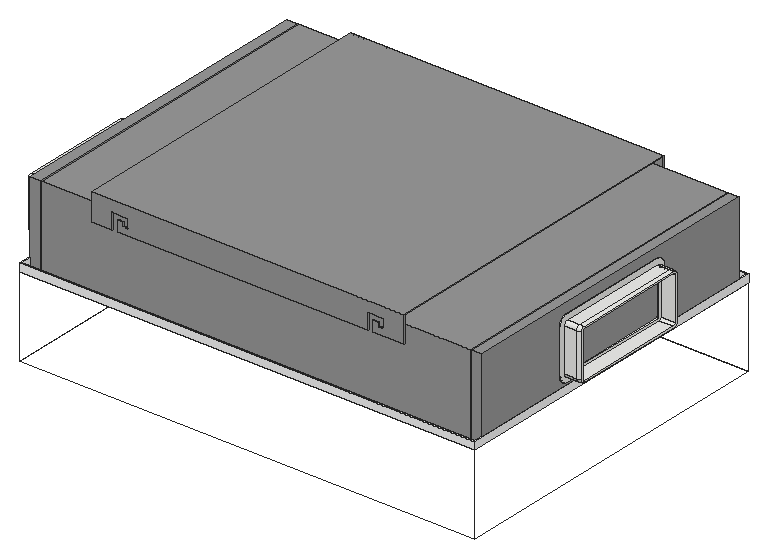
Revit family "IAQBOX-D_single_spigot2", category Duct Accessories, Revit 2015
Parameters (values of type "IAQBOX-D")
  duct_offset [instance] = if(Change Spigot Position, 0 mm, 300 mm)  # 300 mm
  Width = 644.8 mm
  Weight = 15.80 kg  # constant formula
  Unit Description = "Indoor Air Quality Box, Double Width"
  Type Comments = "1"
  Supplier Part No = Nuaire Model No  # "IAQBOX-D"
  Revit Family Last Revised = "31/10/18"  # constant formula
  OmniClass Title = "Fans"  # constant formula
  OmniClass Number = "23-33 31 19"  # constant formula
  Nuaire Model No = "IAQBOX-D"
  Manufacturer Name = "Nuaire"  # constant formula
  Location [instance] = ""
  Length = 857.81 mm
  IFCExportAs = "IfcFanType"  # constant formula
  I&M Manual = "http://nuaire.info/IandM/671811.pdf"
  Height = 152.023 mm
  Pre-Filter Grade = "None"
  Duct Connection Width = 220 mm
  Duct Connection Height = 90 mm
  Classification.Uniclass.Pr.Number = "Pr_65_67_29"  # constant formula
  Classification.Uniclass.Pr.Description = "Fans"  # constant formula
  Change Spigot Position [instance] = no
  Catalogue Pages = "http://www.nuaire.info/catalogue/Q-Aire-IAQBOX.pdf"
  Show Access Clearance [instance] = yes
  Model Drawn by = "Michael Grote"  # constant formula
  Maximum Ambient Temperature = 40 °C
  URL = "http://www.nuaire.co.uk"
  Warranty Period = "5 Years"
  Weatherproof or Internal Only = "Internal"
  Manufacturer = Manufacturer Name  # "Nuaire"
  Description = Unit Description  # "Indoor Air Quality Box, Double Width"
  Address = "Western Industrial Estate, Caerphilly, UK"  # constant formula
  Postcode = "CF83 1NA"  # constant formula
  Telephone Number = "+44(0)2920-858-200"  # constant formula
  Fax Number = "+44(0)2920-858-222"  # constant formula
  Email Address = "info@nuaire.co.uk"  # constant formula
  VAT Registration Number = "877308"  # constant formula
  Model = Nuaire Model No  # "IAQBOX-D"
Types (3, lengths in mm): name | Unit Description | Supplier Part No | Nuaire Model No | Height | Pre-Filter Grade | Description | Model
  IAQBOX-D | "Indoor Air Quality Box, Double Width" | "IAQBOX-D" | "IAQBOX-D" | 152.023 | "None" | "Indoor Air Quality Box, Double Width" | "IAQBOX-D"
  IAQBOX-D-PM10 | "Indoor Air Quality Box, Double Width with pre-Filter" | "IAQBOX-D-PM10" | "IAQBOX-D-PM10" | 151.75 | "PM10 (G4)" | "Indoor Air Quality Box, Double Width with pre-Filter" | "IAQBOX-D-PM10"
  IAQBOX-D-PM2.5 | "Indoor Air Quality Box, Double Width with pre-Filter" | "IAQBOX-D-PM2.5" | "IAQBOX-D-PM2.5" | 151.75 | "PM2.5 (F7)" | "Indoor Air Quality Box, Double Width with pre-Filter" | "IAQBOX-D-PM2.5"
Reference planes
  plane 1 "Center (Front/Back)": y = 0
  plane 2: z = 0
  plane 3 "Center (Left/Right)": x = 0
  plane 4: x = 428.905
  plane 5: x = -428.905
  plane 6: y = 322.4
  plane 7: y = -322.4
  plane 8 "Top of Unit": z = 152.023
  plane 9 "Ceiling Level": z = 170
  plane 10: z = 77.55
  plane 11: y = -150
  plane 12: y = 150
Forms (mm)
  Extrusion 1, solid, material "White Panels", detail levels medium+fine
    sketch origin (0, 0, 0) x (1, 0, 0) y (0, 1, 0)
      loop
        line (-428.905, 322.4) -> (-428.905, -322.4) -> (428.905, -322.4) -> (428.905, 322.4) -> (-428.905, 322.4)
    from 0 to 14
  Extrusion 2, solid, material "Steel, Galvanized"
    sketch origin (0, 0, 0) x (1, 0, 0) y (0, 1, 0)
      loop
        line (-405.655, 302.05) -> (-426.385, 302.05) -> (-426.385, -302.05) -> (-405.655, -302.05) -> (-405.655, 302.05)
    from 1.65 to 152.023
  Extrusion 3, solid, material "Steel, Galvanized", detail levels medium+fine
    sketch origin (0, 0, 0) x (0, 1, 0) y (0, 0, 1)
      loop
        line (304.83, 168.5) -> (304.83, 119.99) -> (306.329, 119.99) -> (306.329, 170) -> (-306.329, 170) -> (-306.329, 119.99) -> (-304.83, 119.99) -> (-304.83, 168.5) -> (304.83, 168.5)
    from -307.745 to 282.255
  Extrusion 4, solid, material "Steel, Galvanized"
    sketch origin (831.805, 0, 0) x (1, 0, 0) y (0, 1, 0)
      loop
        line (-405.43, 302.05) -> (-426.16, 302.05) -> (-426.16, -302.05) -> (-405.43, -302.05) -> (-405.43, 302.05)
    from 1.65 to 152.023
  Extrusion 5, solid, material "Steel, Galvanized"
    sketch origin (811.071, 0, 0) x (1, 0, 0) y (0, 1, 0)
      loop
        line (-405.426, 302.05) -> (-1216.726, 302.05) -> (-1216.726, -302.05) -> (-405.426, -302.05) -> (-405.426, 302.05)
    from 1.65 to 152.023
  Extrusion 6, void
    sketch origin (0, 0, 0) x (1, 0, 0) y (0, 0, 1)
      loop
        line (-268.255, 149.988) -> (-268.255, 119.99) -> (-258.255, 119.99) -> (-258.255, 140.013) -> (-247.995, 140.013) -> (-247.995, 133.033) -> (-237.995, 133.033) -> (-237.995, 149.988) -> (-268.255, 149.988)
      loop
        line (213.745, 149.988) -> (213.745, 119.99) -> (223.745, 119.99) -> (223.745, 140.013) -> (234.005, 140.013) -> (234.005, 133.033) -> (244.005, 133.033) -> (244.005, 149.988) -> (213.745, 149.988)
    from -341.679 to 343.801
  Extrusion 7, void
    sketch origin (0, 0, 0) x (1, 0, 0) y (0, 1, 0)
      loop
        line (-427.275, 320.75) -> (-427.275, -320.75) -> (427.25, -320.75) -> (427.25, 320.75) -> (-427.275, 320.75)
    from 1.65 to 14
  Extrusion 8, solid, material "White Panels", detail levels coarse
    sketch origin (0, 0, 0) x (1, 0, 0) y (0, 1, 0)
      loop
        line (-428.905, 322.4) -> (-428.905, -322.4) -> (428.905, -322.4) -> (428.905, 322.4) -> (-428.905, 322.4)
    from 0 to 14
  Extrusion 9, solid, material "Steel, Galvanized", detail levels coarse
    sketch origin (0, 0, 0) x (0, 1, 0) y (0, 0, 1)
      loop
        line (304.329, 168.5) -> (304.329, 119.99) -> (305.829, 119.99) -> (305.829, 170) -> (-305.829, 170) -> (-305.829, 119.99) -> (-304.329, 119.99) -> (-304.329, 168.5) -> (304.329, 168.5)
    from -307.745 to 282.255
  Extrusion 10, solid, material "Access Clearance", visible <- "Show Access Clearance"
    sketch origin (0, 0, 0) x (1, 0, 0) y (0, 1, 0)
      loop
        line (-428.905, 322.4) -> (-428.905, -322.4) -> (428.905, -322.4) -> (428.905, 322.4) -> (-428.905, 322.4)
    from 0 to -151.8
Cuts and joins
  Extrusion 6, Extrusion 7 cuts Extrusion 3
  Extrusion 7 cuts Extrusion 1
Dimensions and locks
  equal spacing: plane 5, plane 3 "Center (Left/Right)", plane 4
  "Length": plane 5 to plane 4
  equal spacing: plane 6, plane 1 "Center (Front/Back)", plane 7
  "Width": plane 6 to plane 7
  "Height": plane 8 "Top of Unit" to plane 2
  locked: plane 6 to plane 12 at 172.4
  "duct_offset": plane 11 to plane 12
  aligned and locked: level to plane 2
  aligned and locked: Extrusion 1 sketch curve to plane 6
  aligned and locked: Extrusion 1 sketch curve to plane 5
  aligned and locked: Extrusion 1 sketch curve to plane 7
  aligned and locked: Extrusion 1 sketch curve to plane 4
  aligned and locked: Extrusion 10 sketch curve to plane 6
  aligned and locked: Extrusion 10 sketch curve to plane 5
  aligned and locked: Extrusion 10 sketch curve to plane 7
  aligned and locked: Extrusion 10 sketch curve to plane 4
  aligned and locked: plane 11 to nested 1
Automatic sketch dimensions
  Extrusion 2 sketch curve to plane 5 = 2.52 mm
  Extrusion 2 sketch curve to plane 7 = 20.35 mm
  Extrusion 2 sketch curve to Extrusion 2 sketch curve = 20.73 mm
  Extrusion 2 sketch curve to plane 6 = 20.35 mm
  Extrusion 3 sketch curve to plane 9 "Ceiling Level" = 0 mm
  Extrusion 3 sketch curve to plane 7 = 16.071 mm
  Extrusion 3 sketch curve to plane 8 "Top of Unit" = 32.032 mm  (x2)
  Extrusion 3 sketch curve to Extrusion 3 sketch curve = 1.5 mm  (x2)
  Extrusion 3 sketch curve to plane 9 "Ceiling Level" = 1.5 mm
  Extrusion 3 sketch curve to plane 6 = 17.57 mm
  Extrusion 4 sketch curve to plane 4 = 23.26 mm
  Extrusion 4 sketch curve to plane 4 = 2.53 mm
  Extrusion 4 sketch curve to plane 7 = 20.35 mm
  Extrusion 4 sketch curve to plane 6 = 20.35 mm
  Extrusion 5 sketch curve to plane 5 = 23.25 mm
  Extrusion 5 sketch curve to plane 7 = 20.35 mm
  Extrusion 5 sketch curve to plane 4 = 23.26 mm
  Extrusion 5 sketch curve to plane 6 = 20.35 mm
  Extrusion 6 sketch curve to plane 8 "Top of Unit" = 32.032 mm  (x2)
  Extrusion 6 sketch curve to plane 5 = 160.65 mm
  Extrusion 6 sketch curve to Extrusion 6 sketch curve = 10 mm  (x4)
  Extrusion 6 sketch curve to Extrusion 6 sketch curve = 10.26 mm  (x2)
  Extrusion 6 sketch curve to plane 8 "Top of Unit" = 2.035 mm  (x2)
  plane 3 "Center (Left/Right)" to Extrusion 6 sketch curve = 213.745 mm
  Extrusion 6 sketch curve to Extrusion 6 sketch curve = 13.043 mm
  Extrusion 6 sketch curve to plane 8 "Top of Unit" = 18.99 mm
  Extrusion 6 sketch curve to Extrusion 6 sketch curve = 6.981 mm  (x2)
  Extrusion 7 sketch curve to plane 5 = 1.63 mm
  Extrusion 7 sketch curve to plane 7 = 1.65 mm
  Extrusion 7 sketch curve to plane 4 = 1.655 mm
  Extrusion 7 sketch curve to plane 6 = 1.65 mm
  Extrusion 8 sketch curve to plane 5 = 0 mm
  Extrusion 8 sketch curve to plane 4 = 0 mm
  plane 7 to Extrusion 8 sketch curve = 0 mm
  Extrusion 8 sketch curve to plane 6 = 0 mm
  Extrusion 9 sketch curve to plane 9 "Ceiling Level" = 0 mm
  Extrusion 9 sketch curve to plane 7 = 16.571 mm
  Extrusion 9 sketch curve to plane 8 "Top of Unit" = 32.032 mm  (x2)
  Extrusion 9 sketch curve to Extrusion 9 sketch curve = 1.5 mm  (x2)
  Extrusion 9 sketch curve to plane 9 "Ceiling Level" = 1.5 mm
  Extrusion 9 sketch curve to plane 6 = 18.071 mm
Nested families
  nested 1: "spigot_220x90" at (-426.385, -150, 77.55) x (0, 1, 0) z (-1, 0, 0), type "spigot_220x90"
    with Spigot yes, Blanking Plate no
  nested 2: "spigot_220x90" at (426.375, 0, 77.55) x (0, -1, 0) z (1, 0, 0), type "spigot_220x90"
    with Spigot yes, Blanking Plate no
  nested 3: "label_nuaire_logo" at (0, 85, 170), type "label_nuaire_logo"
    with Scale Factor 452 mm, Actual Scale 158.2 mm
  nested 4: "label_arrow_airflow" at (10.055, -60, 170), type "label_arrow_airflow"
    with Size 167.7 mm, Scale 0.3 mm, Left Arrow yes
Connectors
  hvac at (-433.385, -150, 77.55), driven by "Duct Connection Height", driven by "Duct Connection Width"
    settings: on nested 1, index 1, duct flow 0.0 L/s, flow factor 0, pres drop 0.0 Pa, loss coef 0, conn angle 0.00°, conn width 220 mm, conn height 90 mm, conn diameter 609.6 mm, duct sys type 28, conn prof type 1, flow config 0, flow direction 0, loss method 0, conn ref index -1, conn util no, is conn primary yes, conn desc ""
  hvac at (433.375, 0, 77.55), driven by "Duct Connection Height", driven by "Duct Connection Width"
    settings: on nested 2, index 3, duct flow 0.0 L/s, flow factor 0, pres drop 0.0 Pa, loss coef 0, conn angle 0.00°, conn width 220 mm, conn height 90 mm, conn diameter 609.6 mm, duct sys type 28, conn prof type 1, flow config 0, flow direction 0, loss method 0, conn ref index -1, conn util no, is conn primary no, conn desc ""
Definition of nested family "spigot_220x90"
  Parameters
    Spigot [instance] = not(Blanking Plate)  # yes
    Default Elevation = 1219.2 mm
    Blanking Plate [instance] = no
  Reference planes
    plane 1 "Center (Front/Back)": y = 0
    plane 2: z = 0
    plane 3 "Center (Left/Right)": x = 0
  Forms (mm)
    Extrusion 1, solid
      sketch origin (0, 0, 0) x (1, 0, 0) y (0, 1, 0)
        loop
          line (-1219.2, 1219.2) -> (-1219.2, -1219.2) -> (1219.2, -1219.2) -> (1219.2, 1219.2) -> (-1219.2, 1219.2)
      from 0 to -304.8
    Sweep 2, solid, visible <- "Spigot", detail levels medium+fine
      path origin (0, 0, 0) x (1, 0, 0) y (0, 1, 0)
        loop
          arc (-105.5, 57.5) -> (-117.521, 52.521) -> (-122.5, 40.5) r 17
          line (-122.5, 40.5) -> (-122.5, -40.5)
          arc (-122.5, -40.5) -> (-117.521, -52.521) -> (-105.5, -57.5) r 17
          line (-105.5, -57.5) -> (105.5, -57.5)
          arc (105.5, -57.5) -> (117.521, -52.521) -> (122.5, -40.5) r 17
          line (122.5, -40.5) -> (122.5, 40.5)
          arc (122.5, 40.5) -> (117.521, 52.521) -> (105.5, 57.5) r 17
          line (105.5, 57.5) -> (-105.5, 57.5)
      profile origin (0, 57.5, 0) x (0, 1, 0) y (0, 0, 1)
        loop
          line (-9.5, 27.5) -> (-10.624, 35.5) -> (-12.5, 35.5) -> (-12.5, 7) -> (-15.65, 7) -> (-15.65, 3.5) -> (-12.5, 3.5) -> (-12.5, 0) -> (0, 0) -> (0, 3.5) -> (-9.5, 3.5) -> (-9.5, 27.5)
    Extrusion 3, solid, visible <- "Spigot", detail levels coarse
      sketch origin (0, 0, 0) x (1, 0, 0) y (0, 1, 0)
        loop
          line (-113, 48) -> (-113, -48) -> (113, -48) -> (113, 48) -> (-113, 48)
      from 0 to 35.5
    Extrusion 4, solid, visible <- "Blanking Plate"
      sketch origin (0, 0, 0) x (1, 0, 0) y (0, 1, 0)
        loop
          line (-122.5, 57.5) -> (-122.5, -57.5) -> (122.5, -57.5) -> (122.5, 57.5) -> (-122.5, 57.5)
      from 0 to 1.5
  Dimensions and locks
    aligned and locked: plane 2 to Extrusion 1
    aligned and locked: level to Extrusion 1
Definition of nested family "label_nuaire_logo"
  Parameters
    Scale Factor [instance] = Scale * 452  # 452 mm
    Scale = 1 mm
    Actual Scale [instance] = Scale Factor * 0.35  # 158.2 mm
  Reference planes
    plane 1 "Center (Front/Back)": y = 0
    plane 2: z = 0
    plane 3 "Center (Left/Right)": x = 0
  Lines and regions (mm)
    reference lines
      curve 1: line (79.1, -32.13, 0) -> (79.1, 30, 0)
      curve 2: line (-79.1, -32.13, 0) -> (-79.1, 30, 0)
  Dimensions and locks
    equal spacing: curve 2, plane 3 "Center (Left/Right)", curve 1
    "Actual Scale": curve 2 to curve 1
    aligned and locked: level to plane 2
  Automatic sketch dimensions
    plane 1 "Center (Front/Back)" to curve 2 = 32.13 mm
    plane 1 "Center (Front/Back)" to curve 1 = 32.13 mm
    curve 2 to plane 1 "Center (Front/Back)" = 30 mm
    curve 1 to plane 1 "Center (Front/Back)" = 30 mm
  Nested families
    nested 1: "logo_stage2" at (10, 0, 0), type "logo_stage2"
  Definition of nested family "logo_stage2"
    Parameters
      Height = 452 mm
    Reference planes
      plane 1 "Center (Front/Back)": y = 0
      plane 2: z = 0
      plane 3 "Center (Left/Right)": x = 0
    Dimensions and locks
      aligned and locked: level to plane 2
    Nested families
      nested 1: "logo_stage1" at (0, 0, 0), type "logo_stage1"
    Definition of nested family "logo_stage1"
      Parameters
        Height = 1300 mm
      Reference planes
        plane 1 "Center (Front/Back)": y = 0
        plane 2: z = 0
        plane 3 "Center (Left/Right)": x = 0
      Lines and regions (mm)
        model lines
          curve 1: arc (7.927, 29.489, 0) -> (-47.363, 58.16, 0) -> (-106.604, 77.382, 0) r 378.77
          curve 2: arc (-106.604, 77.382, 0) -> (-163.216, 86.224, 0) -> (-220.277, 81.007, 0) r 233.393
          curve 3: arc (-246.965, 20.991, 0) -> (-215.043, -15.792, 0) -> (-174.42, -42.657, 0) r 179.785
          curve 4: arc (-174.42, -42.657, 0) -> (-107.072, -70.342, 0) -> (-36.955, -89.99, 0) r 623.693
          curve 5: arc (-36.955, -89.99, 0) -> (-105.996, -69.023, 0) -> (-170.812, -37.319, 0) r 451.207
          curve 6: arc (-170.812, -37.319, 0) -> (-200.304, -16.562, 0) -> (-226.197, 8.542, 0) r 230.474
          curve 7: arc (-206.815, 72.232, 0) -> (-163.659, 78.527, 0) -> (-120.226, 74.571, 0) r 185.468
          curve 8: arc (-120.226, 74.571, 0) -> (-54.126, 57.782, 0) -> (7.927, 29.489, 0) r 381.393
          curve 9: line (-161.219, -24.259, 0) -> (-141.514, -24.259, 0)
          curve 10: line (-141.514, -24.259, 0) -> (-136.798, 0, 0)
          curve 11: arc (-136.798, 0, 0) -> (-133.437, 8.115, 0) -> (-125.322, 11.477, 0) r 11.477
          curve 12: arc (-125.322, 11.477, 0) -> (-118.479, 7.762, 0) -> (-117.869, 0, 0) r 8.158
          curve 13: line (-117.869, 0, 0) -> (-122.146, -24.259, 0)
          curve 14: line (-122.146, -24.259, 0) -> (-102.441, -24.259, 0)
          curve 15: line (-102.441, -24.259, 0) -> (-97.309, 4.849, 0)
          curve 16: arc (-97.309, 4.849, 0) -> (-99.379, 18.095, 0) -> (-110.885, 24.977, 0) r 15.794
          curve 17: arc (-110.885, 24.977, 0) -> (-122.995, 23.787, 0) -> (-133.701, 18.002, 0) r 30.821
          curve 18: line (-133.701, 18.002, 0) -> (-132.598, 24.255, 0)
          curve 19: line (-161.219, -24.259, 0) -> (-152.664, 24.255, 0)
          curve 20: line (-152.664, 24.255, 0) -> (-132.598, 24.255, 0)
          curve 21: line (-80.79, 24.255, 0) -> (-86.175, -3.448, 0)
          curve 22: arc (-86.175, -3.448, 0) -> (-83.467, -16.761, 0) -> (-72.138, -24.259, 0) r 17.751
          curve 23: arc (-72.138, -24.259, 0) -> (-59.938, -25.434, 0) -> (-47.739, -24.259, 0) r 63.934
          curve 24: arc (-47.739, -24.259, 0) -> (-34.611, -17.57, 0) -> (-27.023, -4.941, 0) r 26.727
          curve 25: line (-27.023, -4.941, 0) -> (-21.348, 24.255, 0)
          curve 26: line (-21.348, 24.255, 0) -> (-41.053, 24.255, 0)
          curve 27: line (-41.053, 24.255, 0) -> (-46.093, -1.676, 0)
          curve 28: arc (-46.093, -1.676, 0) -> (-50.186, -8.91, 0) -> (-57.808, -12.224, 0) r 13.097
          curve 29: arc (-57.808, -12.224, 0) -> (-64.693, -9.158, 0) -> (-65.742, -1.695, 0) r 7.773
          curve 30: line (-65.742, -1.695, 0) -> (-61.166, 24.255, 0)
          curve 31: line (-61.166, 24.255, 0) -> (-80.79, 24.255, 0)
          curve 32: arc (31.54, 19.236, 0) -> (16.208, 25.528, 0) -> (0, 22.075, 0) r 28.07
          curve 33: arc (0, 22.075, 0) -> (-10.88, 12.774, 0) -> (-17.338, 0, 0) r 36.434
          curve 34: arc (-17.338, 0, 0) -> (-15.613, -14.796, 0) -> (-4.047, -24.183, 0) r 19.761
          curve 35: arc (-4.047, -24.183, 0) -> (10.741, -24.948, 0) -> (24.166, -18.699, 0) r 30.688
          curve 36: line (24.166, -18.699, 0) -> (23.117, -24.098, 0)
          curve 37: line (23.117, -24.098, 0) -> (43.271, -24.098, 0)
          curve 38: line (43.271, -24.098, 0) -> (51.797, 24.255, 0)
          curve 39: line (51.797, 24.255, 0) -> (32.515, 24.255, 0)
          curve 40: line (32.515, 24.255, 0) -> (31.54, 19.236, 0)
          curve 41: arc (27.176, -3.213, 0) -> (27.314, 5.536, 0) -> (19.984, 10.314, 0) r 9.053
          curve 42: arc (19.984, 10.314, 0) -> (10.965, 8.578, 0) -> (4.044, 2.54, 0) r 17.627
          curve 43: arc (4.044, 2.54, 0) -> (3.437, -5.353, 0) -> (9.873, -9.961, 0) r 8.063
          curve 44: arc (9.873, -9.961, 0) -> (19.716, -9.642, 0) -> (27.176, -3.213, 0) r 14.789
          curve 45: line (64.987, 24.255, 0) -> (85.001, 24.255, 0)
          curve 46: line (85.001, 24.255, 0) -> (76.475, -24.098, 0)
          curve 47: line (76.475, -24.098, 0) -> (56.461, -24.098, 0)
          curve 48: line (56.461, -24.098, 0) -> (64.987, 24.255, 0)
          curve 49: line (97.733, 24.255, 0) -> (117.438, 24.255, 0)
          curve 50: line (117.438, 24.255, 0) -> (116.079, 16.546, 0)
          curve 51: arc (116.079, 16.546, 0) -> (127.306, 23.283, 0) -> (140.3, 24.886, 0) r 31.571
          curve 52: line (140.3, 24.886, 0) -> (137.316, 7.965, 0)
          curve 53: arc (137.316, 7.965, 0) -> (129.144, 9.507, 0) -> (120.972, 7.965, 0) r 22.429
          curve 54: arc (120.972, 7.965, 0) -> (114.704, 2.976, 0) -> (112.337, -4.677, 0) r 13.585
          curve 55: line (112.337, -4.677, 0) -> (108.912, -24.098, 0)
          curve 56: line (108.912, -24.098, 0) -> (89.207, -24.098, 0)
          curve 57: line (89.207, -24.098, 0) -> (97.733, 24.255, 0)
          curve 58: arc (93.618, 47.57, 0) -> (74.854, 53.038, 0) -> (55.359, 51.64, 0) r 55.33
          curve 59: arc (93.618, 47.57, 0) -> (97.282, 41.659, 0) -> (93.618, 35.747, 0) r 6.601
          curve 60: arc (93.618, 35.747, 0) -> (84.065, 32.23, 0) -> (73.978, 30.85, 0) r 47.065
          curve 61: arc (73.978, 30.85, 0) -> (80.846, 32.41, 0) -> (86.601, 36.47, 0) r 18.116
          curve 62: arc (86.601, 36.47, 0) -> (88.036, 41.905, 0) -> (84.218, 46.03, 0) r 5.836
          curve 63: arc (84.218, 46.03, 0) -> (70.224, 51.08, 0) -> (55.359, 51.64, 0) r 48.391
          curve 64: line (157.905, -2.864, 0) -> (199.286, -2.864, 0)
          curve 65: arc (199.286, -2.864, 0) -> (197.145, 14.652, 0) -> (182.34, 24.255, 0) r 20.852
          curve 66: arc (182.34, 24.255, 0) -> (165.366, 23.801, 0) -> (149.457, 17.863, 0) r 51.614
          curve 67: arc (149.457, 17.863, 0) -> (140.348, 5.451, 0) -> (139.348, -9.912, 0) r 27.469
          curve 68: arc (139.348, -9.912, 0) -> (144.958, -19.523, 0) -> (155.103, -24.098, 0) r 18.276
          curve 69: arc (155.103, -24.098, 0) -> (178.591, -23.478, 0) -> (196.981, -8.856, 0) r 37.046
          curve 70: line (196.981, -8.856, 0) -> (178.291, -8.856, 0)
          curve 71: arc (178.291, -8.856, 0) -> (168.439, -13.819, 0) -> (158.586, -8.856, 0) r 12.261
          curve 72: arc (158.586, -8.856, 0) -> (157.442, -5.951, 0) -> (157.905, -2.864, 0) r 6.023
          curve 73: line (199.286, -2.864, 0) -> (157.905, -2.864, 0)
          curve 74: line (159.772, 7.114, 0) -> (183.418, 7.114, 0)
          curve 75: arc (183.418, 7.114, 0) -> (171.595, 14.487, 0) -> (159.772, 7.114, 0) r 13.165
          curve 76: arc (-206.815, 72.232, 0) -> (-234.166, 45.761, 0) -> (-226.197, 8.542, 0) r 39.242
          curve 77: arc (-220.277, 81.007, 0) -> (-248.829, 57.762, 0) -> (-246.965, 20.991, 0) r 40.723
      Dimensions and locks
        aligned and locked: level to plane 2
Definition of nested family "label_arrow_airflow"
  Parameters
    Scale [instance] = 1.469 mm
    Left Arrow [instance] = yes
    Size [instance] = Scale * 559  # 821 mm
  Reference planes
    plane 1 "Center (Front/Back)": y = 0
    plane 2: z = 0
    plane 3 "Center (Left/Right)": x = 0
  Lines and regions (mm)
    reference lines
      curve 1: line (-410.5, -70, 0) -> (-410.5, 80, 0)
      curve 2: line (410.5, -86.069, 0) -> (410.5, 63.931, 0)
  Dimensions and locks
    equal spacing: curve 1, plane 3 "Center (Left/Right)", curve 2
    "Size": curve 1 to curve 2
    aligned and locked: level to plane 2
  Automatic sketch dimensions
    plane 1 "Center (Front/Back)" to curve 2 = 86.069 mm
    plane 1 "Center (Front/Back)" to curve 1 = 70 mm
    curve 2 to plane 1 "Center (Front/Back)" = 63.931 mm
    curve 1 to plane 1 "Center (Front/Back)" = 80 mm
  Nested families
    nested 1: "airflow_stage2" at (-0.91, 0, 0), type "airflow_stage2"
      with Scale 0.003 mm
  Definition of nested family "airflow_stage2"
    Parameters
      Scale = 1 mm
      Left Arrow = yes
      Height = Scale * 546  # 546 mm
    Reference planes
      plane 1 "Center (Front/Back)": y = 0
      plane 2: z = 0
      plane 3 "Center (Left/Right)": x = 0
    Dimensions and locks
      aligned and locked: level to plane 2
    Nested families
      nested 1: "airflow_stage_1" at (0, 0, 0), type "airflow_stage_1"
    Definition of nested family "airflow_stage_1"
      Parameters
        Right Arrow = not(Left Arrow)  # no
        Left Arrow = yes
        Height = 1 mm
      Reference planes
        plane 1 "Center (Front/Back)": y = 0
        plane 2: z = 0
        plane 3 "Center (Left/Right)": x = 0
      Lines and regions (mm)
        model lines
          curve 1: arc (-154.862, 19.236, 0) -> (-170.193, 25.528, 0) -> (-186.401, 22.075, 0) r 28.07
          curve 2: arc (-186.401, 22.075, 0) -> (-197.282, 12.774, 0) -> (-203.74, 0, 0) r 36.434
          curve 3: arc (-203.74, 0, 0) -> (-202.014, -14.796, 0) -> (-190.448, -24.183, 0) r 19.761
          curve 4: arc (-190.448, -24.183, 0) -> (-175.66, -24.948, 0) -> (-162.235, -18.699, 0) r 30.688
          curve 5: line (-162.235, -18.699, 0) -> (-163.285, -24.098, 0)
          curve 6: line (-163.285, -24.098, 0) -> (-143.131, -24.098, 0)
          curve 7: line (-143.131, -24.098, 0) -> (-134.605, 24.255, 0)
          curve 8: line (-134.605, 24.255, 0) -> (-153.886, 24.255, 0)
          curve 9: line (-153.886, 24.255, 0) -> (-154.862, 19.236, 0)
          curve 10: arc (-159.225, -3.213, 0) -> (-159.088, 5.536, 0) -> (-166.418, 10.314, 0) r 9.053
          curve 11: arc (-166.418, 10.314, 0) -> (-175.436, 8.578, 0) -> (-182.357, 2.54, 0) r 17.627
          curve 12: arc (-182.357, 2.54, 0) -> (-182.965, -5.353, 0) -> (-176.528, -9.961, 0) r 8.063
          curve 13: arc (-176.528, -9.961, 0) -> (-166.685, -9.642, 0) -> (-159.225, -3.213, 0) r 14.789
          curve 14: line (-121.415, 24.255, 0) -> (-101.401, 24.255, 0)
          curve 15: line (-101.401, 24.255, 0) -> (-109.926, -24.098, 0)
          curve 16: line (-109.926, -24.098, 0) -> (-129.941, -24.098, 0)
          curve 17: line (-129.941, -24.098, 0) -> (-121.415, 24.255, 0)
          curve 18: line (-88.668, 24.255, 0) -> (-68.963, 24.255, 0)
          curve 19: line (-68.963, 24.255, 0) -> (-70.322, 16.546, 0)
          curve 20: arc (-70.322, 16.546, 0) -> (-59.096, 23.283, 0) -> (-46.102, 24.886, 0) r 31.571
          curve 21: line (-46.102, 24.886, 0) -> (-49.085, 7.965, 0)
          curve 22: arc (-49.085, 7.965, 0) -> (-57.257, 9.507, 0) -> (-65.429, 7.965, 0) r 22.429
          curve 23: arc (-65.429, 7.965, 0) -> (-71.698, 2.976, 0) -> (-74.065, -4.677, 0) r 13.585
          curve 24: line (-74.065, -4.677, 0) -> (-77.489, -24.098, 0)
          curve 25: line (-77.489, -24.098, 0) -> (-97.194, -24.098, 0)
          curve 26: line (-97.194, -24.098, 0) -> (-88.668, 24.255, 0)
          curve 27: arc (-92.783, 47.57, 0) -> (-111.548, 53.038, 0) -> (-131.043, 51.64, 0) r 55.33
          curve 28: arc (-92.783, 47.57, 0) -> (-89.119, 41.659, 0) -> (-92.783, 35.747, 0) r 6.601
          curve 29: arc (-92.783, 35.747, 0) -> (-102.337, 32.23, 0) -> (-112.423, 30.85, 0) r 47.065
          curve 30: arc (-112.423, 30.85, 0) -> (-105.555, 32.41, 0) -> (-99.8, 36.47, 0) r 18.116
          curve 31: arc (-99.8, 36.47, 0) -> (-98.365, 41.905, 0) -> (-102.184, 46.03, 0) r 5.836
          curve 32: arc (-102.184, 46.03, 0) -> (-116.177, 51.08, 0) -> (-131.043, 51.64, 0) r 48.391
          curve 33: line (161.919, 25.133, 0) -> (142.214, 25.133, 0)
          curve 34: line (142.214, 25.133, 0) -> (137.499, 0.874, 0)
          curve 35: arc (137.499, 0.874, 0) -> (134.137, -7.241, 0) -> (126.022, -10.602, 0) r 11.477
          curve 36: arc (126.022, -10.602, 0) -> (119.18, -6.887, 0) -> (118.569, 0.874, 0) r 8.158
          curve 37: line (118.569, 0.874, 0) -> (122.847, 25.133, 0)
          curve 38: line (122.847, 25.133, 0) -> (103.142, 25.133, 0)
          curve 39: line (103.142, 25.133, 0) -> (98.009, -3.975, 0)
          curve 40: arc (98.009, -3.975, 0) -> (100.08, -17.221, 0) -> (111.586, -24.103, 0) r 15.794
          curve 41: line (161.919, 25.133, 0) -> (156.956, -3.013, 0)
          curve 42: line (200.992, 25.133, 0) -> (181.287, 25.133, 0)
          curve 43: line (181.287, 25.133, 0) -> (176.571, 0.874, 0)
          curve 44: line (200.992, 25.133, 0) -> (196.56, 0, 0)
          curve 45: arc (176.571, 0.874, 0) -> (173.21, -7.241, 0) -> (165.095, -10.602, 0) r 11.477
          curve 46: arc (165.095, -10.602, 0) -> (159.531, -8.411, 0) -> (156.956, -3.013, 0) r 8.158
          curve 47: arc (111.586, -24.103, 0) -> (126.091, -23.232, 0) -> (139.579, -17.822, 0) r 45.404
          curve 48: arc (139.579, -17.822, 0) -> (148.643, -22.473, 0) -> (158.62, -24.53, 0) r 37.733
          curve 49: arc (158.62, -24.53, 0) -> (182.938, -20.536, 0) -> (196.56, 0, 0) r 30.829
          curve 50: arc (86.805, 19.236, 0) -> (71.474, 25.528, 0) -> (55.265, 22.075, 0) r 28.07
          curve 51: arc (55.265, 22.075, 0) -> (44.385, 12.774, 0) -> (37.927, 0, 0) r 36.434
          curve 52: arc (37.927, 0, 0) -> (39.652, -14.796, 0) -> (51.218, -24.183, 0) r 19.761
          curve 53: arc (51.218, -24.183, 0) -> (57.27, -25.376, 0) -> (63.438, -25.335, 0) r 30.688
          curve 54: arc (91.047, -10.031, 0) -> (94.583, 5.422, 0) -> (86.805, 19.236, 0) r 21.983
          curve 55: arc (91.047, -10.031, 0) -> (79.171, -21.161, 0) -> (63.438, -25.335, 0) r 33.311
          curve 56: arc (74.779, 7.65, 0) -> (67.998, 10.433, 0) -> (60.829, 8.906, 0) r 12.414
          curve 57: arc (60.829, 8.906, 0) -> (56.017, 4.793, 0) -> (53.161, -0.857, 0) r 16.114
          curve 58: arc (53.161, -0.857, 0) -> (53.924, -7.401, 0) -> (59.04, -11.552, 0) r 8.74
          curve 59: arc (59.04, -11.552, 0) -> (61.716, -12.08, 0) -> (64.444, -12.062, 0) r 13.573
          curve 60: arc (76.655, -5.293, 0) -> (78.219, 1.541, 0) -> (74.779, 7.65, 0) r 9.722
          curve 61: arc (76.655, -5.293, 0) -> (71.402, -10.216, 0) -> (64.444, -12.062, 0) r 14.733
          curve 62: line (18.362, 51.342, 0) -> (38.376, 51.342, 0)
          curve 63: line (38.376, 51.342, 0) -> (25.074, -24.098, 0)
          curve 64: line (25.074, -24.098, 0) -> (5.059, -24.098, 0)
          curve 65: line (5.059, -24.098, 0) -> (18.362, 51.342, 0)
          curve 66: line (6.141, 24.886, 0) -> (3.157, 7.965, 0)
          curve 67: arc (3.157, 7.965, 0) -> (-5.015, 9.507, 0) -> (-13.187, 7.965, 0) r 22.429
          curve 68: arc (-13.187, 7.965, 0) -> (-18.007, 4.753, 0) -> (-21.051, -0.175, 0) r 13.585
          curve 69: line (-24.7, -20.998, 0) -> (-30.815, -55.675, 0)
          curve 70: line (-30.815, -55.675, 0) -> (-50.52, -55.675, 0)
          curve 71: line (-50.52, -55.675, 0) -> (-40.689, 0.078, 0)
          curve 72: arc (6.141, 24.886, 0) -> (-22.379, 22.118, 0) -> (-40.689, 0.078, 0) r 37.646
          curve 73: line (1.303, 0, 0) -> (-1.68, -16.921, 0)
          curve 74: arc (-1.68, -16.921, 0) -> (-13.763, -15.723, 0) -> (-24.7, -20.998, 0) r 22.429
          curve 75: arc (1.303, 0, 0) -> (-9.887, 1.61, 0) -> (-21.051, -0.175, 0) r 37.646
        model lines, visible <- "Right Arrow"
          curve 76: line (50, 46.342, 0) -> (175, 46.342, 0)
          curve 77: line (175, 46.342, 0) -> (175, 76.342, 0)
          curve 78: line (175, 76.342, 0) -> (280.076, 0, 0)
          curve 79: line (-15, -46.342, 0) -> (175, -46.342, 0)
          curve 80: line (175, -46.342, 0) -> (175, -76.342, 0)
          curve 81: line (175, -76.342, 0) -> (280.076, 0, 0)
          curve 89: line (1.881, 46.342, 0) -> (-53.119, 46.342, 0)
          curve 90: line (-65.458, -46.342, 0) -> (-120.458, -46.342, 0)
        model lines, visible <- "Left Arrow"
          curve 82: line (1.881, 46.342, 0) -> (-78.803, 46.342, 0)
          curve 83: line (-63.661, -46.342, 0) -> (-170.834, -46.342, 0)
          curve 84: line (-170.834, 46.342, 0) -> (-170.834, 76.342, 0)
          curve 85: line (-170.834, 76.342, 0) -> (-275.91, 0, 0)
          curve 86: line (-170.834, -46.342, 0) -> (-170.834, -76.342, 0)
          curve 87: line (-170.834, -76.342, 0) -> (-275.91, 0, 0)
          curve 88: line (-170.834, 46.342, 0) -> (-142.669, 46.342, 0)
          curve 91: line (50, 46.342, 0) -> (100, 46.342, 0)
          curve 92: line (-17.339, -46.342, 0) -> (32.661, -46.342, 0)
      Dimensions and locks
        aligned and locked: level to plane 2
